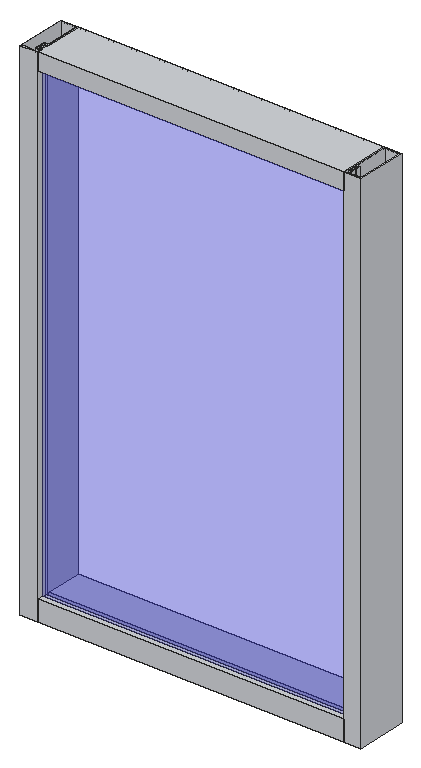
Revit family "Hunter Evo 150mm Double Flush Glazed Framing", category Windows, host Wall, Revit 2021
Family settings
  Host = Wall
  OmniClass Number = 23.30.20.00
  OmniClass Title = Windows
  Always vertical = Yes
  Cut with Voids When Loaded = No
  Shared = No
  Room Calculation Point = No
Parameters
  Single Glazed [instance] = yes
  Rough Width = 0 mm  # constant formula
  Rough Height = 0 mm  # constant formula
  Height [instance] = 1500 mm
  Double Glazed [instance] = not(Single Glazed)  # no
  Default Sill Height = 800 mm
  Wall Closure = By host
  Width [instance] = 1000 mm
Reference planes
  plane 1 "Center (Front/Back)": y = 0
  plane 2 "Center (Left/Right)": x = 0
  plane 3 "Left": x = -500
  plane 4 "Right": x = 500
  plane 5 "Sill": z = 800
  plane 6 "Head": z = 2300
  plane 7 "Exterior": y = 100
  plane 8 "Interior": y = -100
Lines and regions (mm)
  Opening 1
    outline origin (3500, -100, 0) x (1, 0, 0) y (0, 0, 1)
      loop
        line (-3000, 800) -> (-3000, 2300) -> (-4000, 2300) -> (-4000, 800) -> (-3000, 800)
Text (mm)
  text "Exterior" at (-1963.203, 1332.353, 0), in view "Ref. Level"
  text "Interior" at (-1981.466, -818.386, 0), in view "Ref. Level"
  text "Exterior" at (0, 923.751, 2943.296), in view "Right"
  text "Exterior" at (0, 1040.484, 2685.409), in view "Left"
Dimensions and locks
  equal spacing: plane 3 "Left", plane 2 "Center (Left/Right)", plane 4 "Right"
  "Width": plane 3 "Left" to plane 4 "Right"
  "Height": plane 5 "Sill" to plane 6 "Head"
  "Default Sill Height": plane 5 "Sill" to level
  locked: plane 7 "Exterior" to host wall
  locked: plane 8 "Interior" to host wall
  aligned and locked: nested 1 to plane 3 "Left"
  aligned and locked: nested 1 to plane 4 "Right"
  aligned and locked: host wall to nested 1
  aligned and locked: nested 1 to plane 6 "Head"
  aligned and locked: nested 1 to plane 5 "Sill"
Automatic sketch dimensions
  Opening 1 sketch curve to plane 3 "Left" = 0 mm
  Opening 1 sketch curve to plane 4 "Right" = 0 mm
  Opening 1 sketch curve to plane 5 "Sill" = 0 mm
  Opening 1 sketch curve to plane 6 "Head" = 0 mm
Nested families
  nested 1: "Hunter Evo 150mm Double Flush Glazed Framing" at (0, -0.979, 1002.904), type "Hunter Evo 150mm Double Flush Glazed Framing"
    with Width 1000 mm, Overall Thickness Control 24 mm, Height 1500 mm, Glass Glass, Frame Material none, Double Glazing Thickness 24 mm, Air Gap Control 12 mm, Air Gap 12 mm
Definition of nested family "Hunter Evo 150mm Double Flush Glazed Framing"
  Parameters (values of type "Hunter Evo 150mm Double Flush Glazed Framing")
    Width [instance] = 750 mm
    URL = "https://www.alspec.com.au/derwent-76mm-centre-pocket-framing"
    Overall Thickness Control [instance] = if(Double Glazing Thickness > 40 mm, 40 mm, if(Double Glazing Thickness < 15 mm, 15 mm, Double Glazing Thickness))  # 24 mm
    Manufacturer = "ALSPEC"
    Jamb Width = 50 mm  # constant formula
    Height [instance] = 750 mm
    Glass [instance] = none
    Frame Material [instance] = none
    Double Glazing Thickness [instance] = 24 mm
    Designer = "Viraj Mhatre"
    Default Elevation = 0 mm
    Air Gap Control [instance] = if(Air Gap > 12 mm, 12 mm, if(Air Gap < 6 mm, 6 mm, Air Gap))  # 12 mm
    Air Gap [instance] = 12 mm
  Reference planes
    plane 1 "Center (Front/Back)": y = 0.979
    plane 2: z = 368.682
    plane 3 "Center (Left/Right)": x = 0
    plane 4 "Head Top": z = 1297.096
    plane 5 "Sill Bottom": z = 547.096
    plane 6: x = -375
    plane 7: x = 375
    plane 8: y = 12.979
    plane 9: y = 6.979
    plane 10: y = -5.021
    plane 11: y = -11.021
    plane 12: x = -325
    plane 13: x = 325
  Forms (mm)
    Extrusion 1, solid, material <- "Glass"
      sketch origin (0, 0, 0) x (0, 1, 0) y (0, 0, 1)
        loop
          line (12.979, 1259.096) -> (6.979, 1259.096) -> (6.979, 595.602) -> (12.979, 595.602) -> (12.979, 1259.096)
        loop
          line (-5.021, 1259.096) -> (-11.021, 1259.096) -> (-11.021, 595.602) -> (-5.021, 595.602) -> (-5.021, 1259.096)
      from -337 to 337
    Sweep 2, solid, material <- "Frame Material"
      path origin (0, 0, 368.682) x (1, 0, 0) y (0, 1, 0)
        loop
          line (-337, 12.919) -> (-325, 12.919) -> (-325, 123.256) -> (-375, 123.256) -> (-375, -26.744) -> (-325, -26.744) -> (-325, -10.96) -> (-337, -10.96) -> (-337, -5.044) -> (-328.523, -5.044) -> (-328.523, 6.956) -> (-337, 6.956) -> (-337, 12.919)
      profile origin (-337, 9.937, 368.682) x (1, 0, 0) y (0, 0, 1)
        loop
          line (0, 178.414) -> (0, 928.414) -> (-2, 928.414) -> (-2, 178.414) -> (0, 178.414)
    Sweep 3, solid, material <- "Frame Material"
      path origin (0, 0, 368.682) x (1, 0, 0) y (0, 1, 0)
        loop
          line (337, 12.919) -> (337, 6.956) -> (328.523, 6.956) -> (328.523, -5.044) -> (337, -5.044) -> (337, -10.96) -> (325, -10.96) -> (325, -26.744) -> (375, -26.744) -> (375, 123.256) -> (325, 123.256) -> (325, 12.919) -> (337, 12.919)
      profile origin (337, 9.937, 368.682) x (1, 0, 0) y (0, 0, 1)
        loop
          line (0, 178.414) -> (2, 178.414) -> (2, 928.414) -> (0, 928.414) -> (0, 178.414)
    Sweep 4, solid, material <- "Frame Material"
      path origin (0, 0, 0) x (0, 1, 0) y (0, 0, 1)
        loop
          line (12.919, 1259.096) -> (12.919, 1247.096) -> (123.256, 1247.096) -> (123.256, 1297.096) -> (-26.744, 1297.096) -> (-26.744, 1247.096) -> (-10.96, 1247.096) -> (-10.96, 1259.096) -> (-5.044, 1259.096) -> (-5.044, 1250.619) -> (6.956, 1250.619) -> (6.956, 1259.096) -> (12.919, 1259.096)
      profile origin (0, 9.937, 1259.096) x (0, 0, -1) y (1, 0, 0)
        loop
          line (0, -325) -> (0, 325) -> (-2, 325) -> (-2, -325) -> (0, -325)
    Sweep 5, solid, material <- "Frame Material"
      path origin (0, 0, 0) x (0, 1, 0) y (0, 0, 1)
        loop
          line (131.954, 547.096) -> (131.954, 577.096) -> (122.996, 577.096) -> (122.996, 607.602) -> (12.919, 607.602) -> (12.919, 595.602) -> (6.956, 595.602) -> (6.956, 604.109) -> (-5.044, 604.109) -> (-5.044, 595.602) -> (-10.96, 595.602) -> (-10.96, 607.596) -> (-26.391, 607.596) -> (-26.391, 547.096) -> (131.954, 547.096)
      profile origin (0, 131.954, 562.096) x (0, -1, 0) y (1, 0, 0)
        loop
          line (0, -325) -> (2, -325) -> (2, 325) -> (0, 325) -> (0, -325)
  Dimensions and locks
    "Height": plane 4 "Head Top" to plane 5 "Sill Bottom"
    equal spacing: plane 6, plane 3 "Center (Left/Right)", plane 7
    "Width": plane 6 to plane 7
    equal spacing: plane 8, plane 1 "Center (Front/Back)", plane 11
    "Overall Thickness Control": plane 8 to plane 11
    "Air Gap Control": plane 9 to plane 10
    equal spacing: plane 9, plane 1 "Center (Front/Back)", plane 10
    locked: Extrusion 1 sketch curve to Extrusion 1 sketch curve  (x2)
    "Jamb Width": plane 6 to plane 12
    "Jamb Width": plane 13 to plane 7
    aligned and locked: level to plane 2
    aligned and locked: plane 8 to Extrusion 1 sketch curve
    aligned and locked: Extrusion 1 sketch curve to plane 9
    aligned and locked: plane 10 to Extrusion 1 sketch curve
    aligned and locked: Extrusion 1 sketch curve to plane 11
    aligned and locked: import instance to plane 1 "Center (Front/Back)"
    aligned and locked: import instance to plane 6
    aligned and locked: plane 1 "Center (Front/Back)" to import instance  (x3)
    aligned and locked: import instance to plane 7
    aligned and locked: import instance to plane 4 "Head Top"
    aligned and locked: import instance to plane 5 "Sill Bottom"
    aligned and locked: import instance to Sweep 2 sketch curve
    aligned and locked: Sweep 2 sketch curve to import instance  (x10)
    aligned and locked: import instance to Sweep 3 sketch curve
    aligned and locked: Sweep 3 sketch curve to import instance  (x10)
    aligned and locked: import instance to Sweep 4 sketch curve
    aligned and locked: Sweep 4 sketch curve to import instance  (x10)
    aligned and locked: Sweep 5 sketch curve to import instance  (x12)
    aligned and locked: import instance to Sweep 5 sketch curve
    aligned and locked: Sweep 2 sketch curve to plane 4 "Head Top"
    aligned and locked: plane 5 "Sill Bottom" to Sweep 2 sketch curve
    aligned and locked: plane 4 "Head Top" to Sweep 3 sketch curve
    aligned and locked: Sweep 3 sketch curve to plane 5 "Sill Bottom"
    aligned and locked: plane 13 to Sweep 4 sketch curve
    aligned and locked: plane 12 to Sweep 4 sketch curve
    aligned and locked: plane 13 to Sweep 5 sketch curve
    aligned and locked: Sweep 5 sketch curve to plane 12
    aligned and locked: Extrusion 1 to Sweep 2
    aligned and locked: Extrusion 1 to Sweep 3
    aligned and locked: Extrusion 1 to Sweep 5
    aligned and locked: Extrusion 1 to Sweep 4
  Automatic sketch dimensions
    plane 5 "Sill Bottom" to Extrusion 1 sketch curve = 48.506 mm
    Extrusion 1 sketch curve to plane 4 "Head Top" = 38 mm
    Sweep 2 sketch curve to Sweep 2 sketch curve = 0 mm
    profile plane to Sweep 2 sketch curve = 0 mm
    profile plane to Sweep 2 sketch curve = 2 mm
    Sweep 3 sketch curve to Sweep 3 sketch curve = 0 mm
    profile plane to Sweep 3 sketch curve = 0 mm
    Sweep 3 sketch curve to profile plane = 2 mm
    Sweep 4 sketch curve to Sweep 4 sketch curve = 0 mm
    Sweep 5 sketch curve to Sweep 5 sketch curve = 0 mm
    Sweep 5 sketch curve to profile plane = 0 mm
    Sweep 5 sketch curve to profile plane = 2 mm
    Sweep 4 sketch curve to profile plane = 0 mm
    profile plane to Sweep 4 sketch curve = 2 mm
